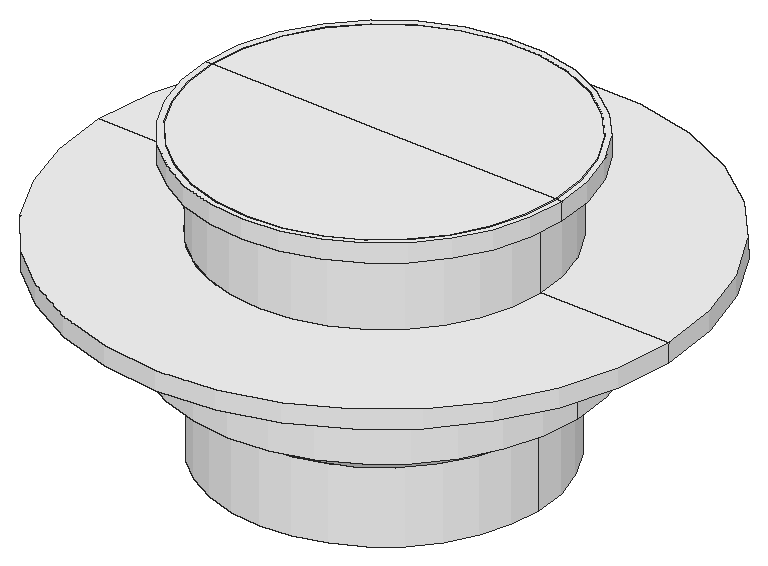
Revit family "C1100-R", category Plumbing Fixtures, host Face, Revit 2026
Family settings
  Host = Face
  Round Connector Dimension = Use Radius
  Part Type = Normal
  Classification Number = 23.45.55.21
  Enable Cutting in Views = No
  Cut with Voids When Loaded = No
  Maintain Annotation Orientation = No
  Shared = No
  Room Calculation Point = No
Parameters (values of type "4"")
  WFU = 0
  URL = "WWW.MIFAB.COM"
  Top Assembly Height = 1.250"
  Strainer Radius = Stainer Diameter / 2  # 4.000"
  Stainer Diameter = 8.000"
  Pipe Radius = Pipe Diameter / 2  # 2.000"
  Pipe Diameter = 4.000"
  Model = "C1100-R"
  Manufacturer = "MIFAB"
  Floor Drain Material = Paint - Sherwin Williams Paint - #952C2A - Bellwood Red
  Description = "FLOOR CLEANOUT WITH ADJUSTABLE COVER AND PLUG"
  Default Elevation = 0.000"
  Body Height = 2.750"
Types (4): name | Pipe Radius | Pipe Diameter
  (no name) | 2.000" | 4.000"
  2" | 1.000" | 2.000"
  3" | 1.500" | 3.000"
  4" | 2.000" | 4.000"
Reference planes (in)
  plane 1 "Center (Front/Back)": y = 0
  plane 2: z = 0
  plane 3 "Center (Left/Right)": x = 0
  plane 4: z = -4
  plane 5: z = -1.25
  plane 6: x = -4
  plane 7: x = 4
  plane 8: x = 2
  plane 9: x = -2
Forms (in)
  Revolve 1, solid, material "Paint - Sherwin Williams Paint - #952C2A - Bellwood Red" <- "Floor Drain Material"
    sketch origin (-0.5, 0, 0) x (1, 0, 0) y (0, 0, 1)
      loop
        line (-1.62, -1.33) -> (-1.7, -1.25) -> (-3.5, -1.25) -> (-3.5, -1.5) -> (-2.23, -1.5) -> (-2.23, -2.65) -> (-2, -2.65) -> (-1.68, -3) -> (-1.68, -4) -> (-1.5, -4) -> (-1.5, -2.86151) -> (-1.82, -2.51151) -> (-1.82, -1.5) -> (-1.7, -1.5) -> (-1.62, -1.42) -> (-1.62, -1.33)
      axis (0.5, -4) -> (0.5, -1.25)
    angle from 0 to 360
  Revolve 2, solid, material "Paint - Sherwin Williams Paint - #952C2A - Bellwood Red" <- "Floor Drain Material"
    sketch origin (0, 0, 0) x (1, 0, 0) y (0, 0, 1)
      loop
        line (-2.20074, -1.82) -> (-2.12074, -1.9) -> (-2.05074, -1.9) -> (-2.05074, -0.16) -> (-2.42, -0.16) -> (-2.42, 0) -> (-2.50074, 0) -> (-2.50074, -0.25) -> (-2.20074, -0.25) -> (-2.20074, -1.82)
      axis (0, 0) -> (0, -1.9)
    angle from 0 to 360
  Revolve 3, solid, material "Paint - Sherwin Williams Paint - #952C2A - Bellwood Red" <- "Floor Drain Material"
    sketch origin (0, 0, 0) x (1, 0, 0) y (0, 0, 1)
      loop
        line (0, 0) -> (-2.42, 0) -> (-2.42, -0.16) -> (0, -0.16) -> (0, 0)
      axis (0, 0) -> (0, -0.16)
    angle from 0 to 360
Lines and regions (in)
  symbolic lines
    curve 1: circle (0, 0, 0) r 4 normal (0, 0, 1)
  symbolic lines, style "PlumbingFixtures"
    curve 2: circle (0, 0, 0) r 1.00382 normal (0, 0, 1)
Dimensions and locks (in)
  locked: Revolve 1 sketch curve to Revolve 1 sketch curve at 0.18
  "Body Height": plane 5 to plane 4
  "Top Assembly Height": host face to plane 5
  equal spacing: plane 6, plane 3 "Center (Left/Right)", plane 7
  "Stainer Diameter": plane 6 to plane 7
  "Pipe Diameter": plane 8 to plane 9
  equal spacing: plane 8, plane 3 "Center (Left/Right)", plane 9
  "Strainer Radius": radius of curve 1
  aligned and locked: plane 2 to host face
  aligned and locked: level to host face
  aligned and locked: plane 1 "Center (Front/Back)" to curve 1
  aligned and locked: plane 3 "Center (Left/Right)" to curve 1
  aligned and locked: Revolve 1 sketch curve to plane 4
  aligned and locked: plane 3 "Center (Left/Right)" to Revolve 1 sketch curve
  aligned and locked: plane 3 "Center (Left/Right)" to Revolve 3 sketch curve
  aligned and locked: Revolve 3 sketch curve to plane 3 "Center (Left/Right)"
  aligned and locked: plane 2 to Revolve 3 sketch curve
  aligned and locked: Revolve 3 sketch curve to Revolve 2
  aligned and locked: plane 5 to Revolve 1 sketch curve
  aligned and locked: plane 7 to Revolve 1
  aligned and locked: plane 6 to Revolve 1 sketch curve
  aligned and locked: Revolve 1 sketch curve to plane 9
Automatic sketch dimensions
  host sketch curve to host sketch curve = 96.000"  (x2)
  level to Revolve 2 sketch curve = 0.000"
  Revolve 2 sketch curve to level = 0.250"
  Revolve 2 sketch curve to plane 5 = 0.650"
  Revolve 2 sketch curve to plane 3 "Center (Left/Right)" = 0.000"
  Revolve 2 sketch curve to Revolve 2 sketch curve = 0.08074"
  Revolve 2 sketch curve to Revolve 2 sketch curve = 0.21926"
  Revolve 2 sketch curve to Revolve 2 sketch curve = 0.080"  (x2)
  Revolve 2 sketch curve to Revolve 2 sketch curve = 0.070"
  Revolve 2 sketch curve to level = 0.160"
  Revolve 2 sketch curve to plane 5 = 0.97439"
  level to Revolve 2 sketch curve = 0.77561"
  plane 5 to Revolve 3 sketch curve = 0.52425"
  level to Revolve 3 sketch curve = 0.10977"
  Revolve 2 sketch curve to plane 6 = 1.49926"
  Revolve 3 sketch curve to plane 6 = 1.580"
  plane 4 to Revolve 1 sketch curve = 1.000"
  Revolve 1 sketch curve to plane 6 = 1.270"
  Revolve 1 sketch curve to Revolve 1 sketch curve = 0.230"
  Revolve 1 sketch curve to Revolve 1 sketch curve = 0.410"
  Revolve 1 sketch curve to Revolve 1 sketch curve = 0.120"  (x2)
  Revolve 1 sketch curve to plane 5 = 0.250"  (x2)
  Revolve 1 sketch curve to plane 5 = 0.170"
  Revolve 1 sketch curve to Revolve 1 sketch curve = 0.080"
  Revolve 1 sketch curve to Revolve 1 sketch curve = 0.13849"  (x2)
  Revolve 1 sketch curve to Revolve 1 sketch curve = 1.150"
  Revolve 1 sketch curve to plane 5 = 0.080"
  Revolve 1 sketch curve to plane 4 = 1.750"
  level to Revolve 1 sketch curve = 5.350"
  curve 1 to curve 2 = 0.000"  (x2)
  plane 1 "Center (Front/Back)" to curve 2 = 0.000"
  curve 2 to plane 3 "Center (Left/Right)" = 0.000"
  radius of curve 2 = 1.00382"
Connectors (in)
  piping at (0, 0, -4), diameter 4, driven by "Pipe Radius"
    settings: on Revolve 1, index 1, connector inside diameter 4", connector length 0.000", flow factor 0, pipe flow 0 GPM, pressure drop 0.00 psi, fitting loss kfactor 0, connector angle 0.00°, fixture units 0, engagement length 0.000", angle of deflection 0.00°, flow configuration 0, flow direction 0, fitting loss method 0, system type 7, joint type 0, gender type 0, connector reference index -1, connector utility 0, adjustable connector no, is connector primary yes, connector description ""
